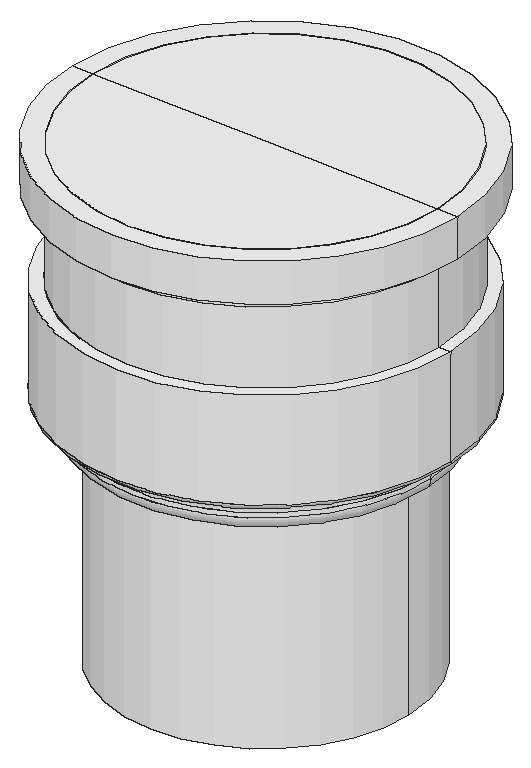
Revit family "Plumbing Fixture-FloorDrain_Mifab_C1226-8", category Plumbing Fixtures, host Face, Revit 2013
Parameters (values of type "6"- IC")
  WFU = 0
  URL = "WWW.MIFAB.COM"
  Top Assembly Height = 2.761"
  Strainer Radius = Stainer Diameter / 2  # 4.600"
  Stainer Diameter = 9.200"
  Pipe Radius = Pipe Diameter / 2  # 3.000"
  Pipe Diameter = 6.000"
  Model = "C1226-8"
  Manufacturer = "MIFAB"
  Floor Drain Material = Paint - Sherwin Williams Paint - #952C2A - Bellwood Red
  Description = "C1226-8 FLOOR DRAIN & C1226-8 WOOD DECK FLOOR DRAIN"
  Default Elevation = 0.000"
  Body Height = 7.600"
Types (4): name | Strainer Radius | Stainer Diameter | Pipe Radius | Pipe Diameter
  (no name) | 4.600" | 9.200" | 3.000" | 6.000"
  6"- NH | 4.200" | 8.400" | 3.000" | 6.000"
  6"- IC | 4.600" | 9.200" | 3.000" | 6.000"
  8"-NH | 4.600" | 9.200" | 4.000" | 8.000"
Reference planes (in)
  plane 1 "Center (Front/Back)": y = 0
  plane 2: z = 0
  plane 3 "Center (Left/Right)": x = 0
  plane 4: x = -4.6
  plane 5: x = 4.6
  plane 6: z = -10.361
  plane 7: x = -3
  plane 8: x = 3
  plane 9: z = -2.761
Forms (in)
  Revolve 1, solid, material "Paint - Sherwin Williams Paint - #952C2A - Bellwood Red" <- "Floor Drain Material"
    sketch origin (0, 0, 0) x (1, 0, 0) y (0, 0, 1)
      loop
        arc (3.4, -5.761) -> (3.61213, -5.67313) -> (3.7, -5.461) r 0.3
        line (3.7, -5.461) -> (3.7, -5.361)
        arc (3.7, -5.361) -> (3.78787, -5.14887) -> (4, -5.061) r 0.3
        line (4, -5.061) -> (4.05, -5.061)
        arc (4.05, -5.061) -> (4.12071, -5.03171) -> (4.15, -4.961) r 0.1
        line (4.15, -4.961) -> (4.15, -2.761) -> (3.87, -2.761) -> (3.8, -2.83979) -> (3.8, -3.18419) -> (3.87, -3.261) -> (3.97, -3.261) -> (3.97, -4.761) -> (3.45, -4.761)
        arc (3.45, -4.761) -> (3.37929, -4.79029) -> (3.35, -4.861) r 0.1
        line (3.35, -4.861) -> (3.35, -5.361) -> (2.87428, -5.361) -> (2.8, -5.43975) -> (2.8, -5.98225) -> (2.87428, -6.061) -> (3, -6.061) -> (3, -10.361) -> (3.2, -10.361) -> (3.2, -5.861)
        arc (3.2, -5.861) -> (3.22929, -5.79029) -> (3.3, -5.761) r 0.1
        line (3.3, -5.761) -> (3.4, -5.761)
      axis (0, -10.361) -> (0, -2.761)
    angle from 0 to 360
  Revolve 2, solid, material "Paint - Sherwin Williams Paint - #952C2A - Bellwood Red" <- "Floor Drain Material"
    sketch origin (0, 0, 0) x (1, 0, 0) y (0, 0, 1)
      loop
        line (3.85, 0) -> (3.85, -0.65) -> (3.31, -0.65) -> (3.31, -1.1) -> (3.52, -1.1) -> (3.52, -3.6) -> (3.87, -3.6) -> (3.87, -1.1) -> (3.95, -1.1) -> (3.95, -0.85) -> (4.3, -0.85) -> (4.3, 0) -> (3.85, 0)
      axis (0, -3.6) -> (0, 0)
    angle from 0 to 360
  Revolve 3, solid, material "Paint - Sherwin Williams Paint - #952C2A - Bellwood Red" <- "Floor Drain Material"
    sketch origin (0, 0, 0) x (1, 0, 0) y (0, 0, 1)
      loop
        line (0, 0) -> (0, -0.65) -> (3.85, -0.65) -> (3.85, 0) -> (0, 0)
      axis (0, 0) -> (0, -0.65)
    angle from 0 to 360
Lines and regions (in)
  symbolic lines
    curve 1: circle (0, 0, 0) r 4.6 normal (0, 0, 1)
  symbolic lines, style "PlumbingFixtures"
    curve 2: circle (0, 0, 0) r 1.00382 normal (0, 0, 1)
Dimensions and locks (in)
  equal spacing: plane 5, plane 3 "Center (Left/Right)", plane 4
  "Stainer Diameter": plane 5 to plane 4
  "Body Height": plane 9 to plane 6
  equal spacing: plane 8, plane 3 "Center (Left/Right)", plane 7
  "Pipe Diameter": plane 8 to plane 7
  "Top Assembly Height": host face to plane 9
  locked: Revolve 1 sketch curve to plane 8 at 0.2
  locked: plane 8 to Revolve 1 sketch curve at 0.2
  locked: plane 8 to Revolve 1 sketch curve at 0.3
  locked: plane 8 to Revolve 1 sketch curve at 0.35
  locked: plane 8 to Revolve 1 sketch curve at 0.7
  locked: plane 8 to Revolve 1 sketch curve at 1.15
  locked: plane 9 to Revolve 1 sketch curve at 2.3
  locked: plane 9 to Revolve 1 sketch curve at 3
  locked: Revolve 1 sketch curve to Revolve 1 sketch curve at 0.18
  locked: Revolve 1 sketch curve to Revolve 1 sketch curve at 0.35
  locked: plane 8 to Revolve 2 sketch curve at 1.3
  locked: plane 8 to Revolve 2 sketch curve at 0.85
  locked: plane 8 to Revolve 2 sketch curve at 0.31
  locked: Revolve 2 sketch curve to Revolve 2 sketch curve at 0.35
  locked: plane 8 to Revolve 2 sketch curve at 0.52
  locked: plane 8 to Revolve 2 sketch curve at 0.95
  "Strainer Radius": radius of curve 1
  aligned and locked: plane 2 to host face
  aligned and locked: level to host face
  aligned and locked: plane 1 "Center (Front/Back)" to curve 1
  aligned and locked: plane 3 "Center (Left/Right)" to curve 1
  aligned and locked: Revolve 1 sketch curve to plane 8
  aligned and locked: plane 6 to Revolve 1 sketch curve
  aligned and locked: plane 9 to Revolve 1 sketch curve
  aligned and locked: plane 3 "Center (Left/Right)" to Revolve 1 sketch curve
  aligned and locked: plane 3 "Center (Left/Right)" to Revolve 2 sketch curve
  aligned and locked: Revolve 3 sketch curve to host face
  aligned and locked: Revolve 3 sketch curve to Revolve 2  (x2)
  aligned and locked: Revolve 3 sketch curve to plane 3 "Center (Left/Right)"
Automatic sketch dimensions
  host sketch curve to host sketch curve = 96.000"  (x2)
  plane 8 to Revolve 1 sketch curve = 0.12572"  (x2)
  Revolve 1 sketch curve to plane 9 = 3.300"
  Revolve 1 sketch curve to plane 6 = 0.000"
  Revolve 1 sketch curve to Revolve 1 sketch curve = 0.100"  (x4)
  Revolve 1 sketch curve to Revolve 1 sketch curve = 0.070"
  Revolve 1 sketch curve to Revolve 1 sketch curve = 0.150"
  Revolve 1 sketch curve to Revolve 1 sketch curve = 0.050"
  Revolve 1 sketch curve to Revolve 1 sketch curve = 0.07875"
  Revolve 1 sketch curve to Revolve 1 sketch curve = 0.5425"
  Revolve 1 sketch curve to Revolve 1 sketch curve = 0.500"
  Revolve 1 sketch curve to plane 9 = 0.500"
  Revolve 1 sketch curve to Revolve 1 sketch curve = 0.07681"
  Revolve 1 sketch curve to plane 9 = 0.07879"
  level to Revolve 1 sketch curve = 2.639"
  Revolve 2 sketch curve to level = 0.000"  (x2)
  Revolve 2 sketch curve to plane 9 = 0.839"
  Revolve 2 sketch curve to plane 6 = 0.000"
  Revolve 2 sketch curve to level = 1.100"
  Revolve 2 sketch curve to Revolve 2 sketch curve = 0.000"
  Revolve 2 sketch curve to Revolve 2 sketch curve = 0.250"
  Revolve 2 sketch curve to Revolve 2 sketch curve = 0.200"
  Revolve 3 sketch curve to plane 3 "Center (Left/Right)" = 0.000"
  plane 6 to Revolve 3 sketch curve = 0.750"
  Revolve 3 sketch curve to Revolve 3 sketch curve = 0.639"
  curve 1 to curve 2 = 0.000"  (x2)
  plane 1 "Center (Front/Back)" to curve 2 = 0.000"
  curve 2 to plane 3 "Center (Left/Right)" = 0.000"
  radius of curve 2 = 1.00382"
Connectors (in)
  piping at (0, 0, -10.361), driven by "Pipe Radius"
    settings: on Revolve 1, index 1, connector radius 3", flow factor 0, pipe flow 0 GPM, pressure drop 0.00 psi, fitting loss kfactor 0, connector angle 0.00°, fixture units 0, engagement length 0.000", flow configuration 0, flow direction 0, fitting loss method 0, system type 7, joint type 0, gender type 0, connector reference index -1, connector utility 0, adjustable connector no, is connector primary yes, fitting loss table "", connector description ""
